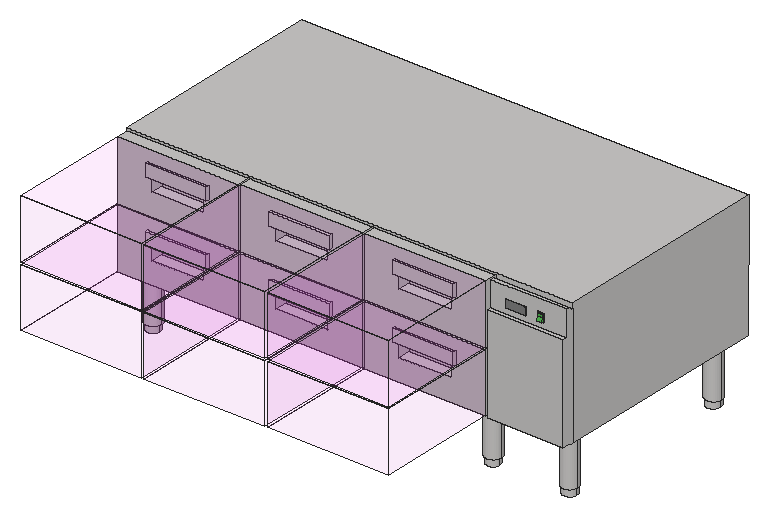
Revit family "QF_ELECTROLUXPROFESSIONAL_391605_E9TTBPCOMKN", category Specialty Equipment, Revit 2018 (continued)
Automatic sketch dimensions
  Split face 145 sketch curve to Extrusion 3 = 54.499 mm
  Split face 145 sketch curve to Split face 145 sketch curve = 0.02 mm  (x2)
  Split face 145 sketch curve to Extrusion 3 = 22.519 mm
  Split face 145 sketch curve to Extrusion 3 = 86.503 mm
  Split face 145 sketch curve to Split face 145 sketch curve = 4 mm
  Split face 146 sketch curve to Extrusion 3 = 54.499 mm
  Split face 146 sketch curve to Split face 146 sketch curve = 0.02 mm  (x2)
  Split face 146 sketch curve to Extrusion 3 = 22.519 mm
  Split face 146 sketch curve to Extrusion 3 = 74.504 mm
  Split face 146 sketch curve to Split face 146 sketch curve = 4 mm
  Split face 147 sketch curve to Extrusion 3 = 54.499 mm
  Split face 147 sketch curve to Split face 147 sketch curve = 0.02 mm  (x2)
  Split face 147 sketch curve to Extrusion 3 = 22.519 mm
  Split face 147 sketch curve to Extrusion 3 = 62.503 mm
  Split face 147 sketch curve to Split face 147 sketch curve = 4 mm
  Split face 148 sketch curve to Extrusion 3 = 54.499 mm
  Split face 148 sketch curve to Split face 148 sketch curve = 0.02 mm  (x2)
  Split face 148 sketch curve to Extrusion 3 = 22.519 mm
  Split face 148 sketch curve to Extrusion 3 = 50.504 mm
  Split face 148 sketch curve to Split face 148 sketch curve = 4 mm
  Split face 149 sketch curve to Extrusion 3 = 54.499 mm
  Split face 149 sketch curve to Split face 149 sketch curve = 0.02 mm  (x2)
  Split face 149 sketch curve to Extrusion 3 = 22.519 mm
  Split face 149 sketch curve to Extrusion 3 = 38.504 mm
  Split face 149 sketch curve to Split face 149 sketch curve = 4 mm
  Split face 150 sketch curve to Extrusion 3 = 22.504 mm
  Split face 150 sketch curve to Extrusion 3 = 54.499 mm
  Split face 150 sketch curve to Split face 150 sketch curve = 0.02 mm  (x2)
  Split face 150 sketch curve to Extrusion 3 = 22.519 mm
  Split face 150 sketch curve to Split face 150 sketch curve = 4 mm
  Split face 151 sketch curve to Extrusion 3 = 22.401 mm
  Split face 151 sketch curve to Extrusion 3 = 54.499 mm
  Split face 151 sketch curve to Split face 151 sketch curve = 0.02 mm  (x2)
  Split face 151 sketch curve to Extrusion 3 = 22.519 mm
  Split face 151 sketch curve to Split face 151 sketch curve = 4 mm
  plane 4 to Extrusion 16 sketch curve = 9.006 mm
  Extrusion 16 sketch curve to plane 3 "Centro (Sinistra/Destra)" = 360.999 mm
  Extrusion 16 sketch curve to Extrusion 16 sketch curve = 123.7 mm
  plane 12 to Extrusion 16 sketch curve = 73.7 mm
  plane 18 to Extrusion 16 sketch curve = 4 mm
  plane 4 to Extrusion 16 sketch curve = 88.212 mm
  Extrusion 16 sketch curve to Extrusion 16 sketch curve = 78.294 mm
  Extrusion 16 sketch curve to Extrusion 16 sketch curve = 55.994 mm
  Extrusion 16 to Extrusion 17 sketch curve = 0 mm
  Extrusion 17 sketch curve to Extrusion 16 = 0 mm  (x3)
  Extrusion 18 sketch curve to Extrusion 16 = 15 mm  (x2)
  Extrusion 16 to Extrusion 18 sketch curve = 31.031 mm
  Extrusion 18 sketch curve to Extrusion 16 = 13.969 mm
  plane 4 to Extrusion 19 sketch curve = 9.006 mm
  plane 3 "Centro (Sinistra/Destra)" to Extrusion 19 sketch curve = 81.031 mm
  Extrusion 19 sketch curve to plane 3 "Centro (Sinistra/Destra)" = 42.668 mm
  plane 4 to Extrusion 19 sketch curve = 88.212 mm
  Extrusion 19 sketch curve to Extrusion 19 sketch curve = 186.601 mm
  Extrusion 19 sketch curve to Extrusion 19 sketch curve = 123.7 mm
  Extrusion 19 sketch curve to Extrusion 19 sketch curve = 78.294 mm
  Extrusion 19 sketch curve to Extrusion 19 sketch curve = 55.994 mm
  Extrusion 19 to Extrusion 20 sketch curve = 0 mm
  Extrusion 20 sketch curve to Extrusion 19 = 0 mm  (x3)
  Extrusion 21 sketch curve to Extrusion 19 = 15 mm  (x2)
  Extrusion 19 to Extrusion 21 sketch curve = 31.031 mm
  Extrusion 21 sketch curve to Extrusion 19 = 13.969 mm
  plane 14 to Extrusion 22 sketch curve = 52 mm
  Extrusion 22 sketch curve to plane 14 = 71.738 mm
  Extrusion 22 sketch curve to plane 17 = 73.339 mm
  plane 4 to Extrusion 22 sketch curve = 9.006 mm
  plane 3 "Centro (Sinistra/Destra)" to Extrusion 22 sketch curve = 88.961 mm
  plane 4 to Extrusion 22 sketch curve = 88.212 mm
  Extrusion 22 sketch curve to Extrusion 22 sketch curve = 78.294 mm
  Extrusion 22 sketch curve to Extrusion 22 sketch curve = 55.994 mm
  Extrusion 23 sketch curve to Extrusion 22 = 0 mm  (x4)
  Extrusion 24 sketch curve to Extrusion 22 = 15 mm  (x2)
  Extrusion 22 to Extrusion 24 sketch curve = 31.031 mm
  Extrusion 24 sketch curve to Extrusion 22 = 13.969 mm
  radius of Extrusion 2 sketch curve = 6 mm
  radius of Split face 2 sketch curve = 1.2 mm
  radius of Split face 3 sketch curve = 1.2 mm
  radius of Split face 4 sketch curve = 1.2 mm
  radius of Split face 5 sketch curve = 1.2 mm
  radius of Split face 6 sketch curve = 1.2 mm
  radius of Split face 7 sketch curve = 1.2 mm
Nested families
  nested 1: "Foot H200" at (-745, -350, 0), type "Foot H200"
  nested 2: "Foot H200" at (-745, 292, 0), type "Foot H200"
  nested 3: "Foot H200" at (471, -350, 0) x (-1, 0, 0) z (0, 0, 1), type "Foot H200"
  nested 4: "Foot H200" at (471, 292, 0) x (-1, 0, 0) z (0, 0, 1), type "Foot H200"
  nested 5: "Foot H200" at (745, -350, 0) x (-1, 0, 0) z (0, 0, 1), type "Foot H200"
  nested 6: "Foot H200" at (745, 292, 0) x (-1, 0, 0) z (0, 0, 1), type "Foot H200"
  nested 7: "01_Refrigerator" at (550, -250, 0), type "01_Refrigerator"
Connectors
  electrical at (760, 260, 189.987)
    settings: on Extrusion 2, index 1, voltage 0 V, apparent load 0 VA, apparent load phase1 0 VA, apparent load phase2 0 VA, apparent load phase3 0 VA, power factor 1, load classification "Altro", number of poles 1, system type 30, power factor state 1, is connector primary yes, connector utility no, sub classification motor no, connector description "Electrical"
Definition of nested family "Foot H200"
  Reference planes
    plane 1 "Centro (Fronte/Retro)": y = 0
    plane 2: z = 0
    plane 3 "Centro (Sinistra/Destra)": x = 0
    plane 4: z = 200
  Forms (mm)
    Revolve 1, solid
      sketch origin (255.05, 0, 608.09) x (0, 0, 1) y (-1, 0, 0)
        loop
          line (-608.09, 255.05) -> (-608.09, 230.05) -> (-583.09, 230.05) -> (-583.09, 226.05) -> (-408.09, 226.05) -> (-408.09, 255.05) -> (-608.09, 255.05)
        axis (-608.09, 255.05) -> (-408.09, 255.05)
      angle from 0 to 360
  Dimensions and locks
    Revolve 1 sketch curve to Revolve 1 sketch curve = 175 mm
    plane 4 to level = 200 mm
    aligned and locked: level to plane 2
    aligned and locked: plane 4 to Revolve 1 sketch curve
    aligned and locked: Revolve 1 sketch curve to level
    aligned and locked: plane 3 "Centro (Sinistra/Destra)" to Revolve 1 sketch curve
Definition of nested family "01_Refrigerator"
  Reference planes
    plane 1 "Center (Front/Back)": y = 0
    plane 2: z = 0
    plane 3 "Center (Left/Right)": x = 0
  Lines and regions (mm)
    detail lines, in view "Ref. Level"
      curve 1: line (0, -60, 0) -> (0, 60, 0)
      curve 2: line (-51.962, 30, 0) -> (51.962, -30, 0)
      curve 3: line (-51.962, -30, 0) -> (51.962, 30, 0)
      curve 4: line (19.116, 56.873, 0) -> (0, 35, 0)
      curve 5: line (0, 35, 0) -> (-19.116, 56.873, 0)
      curve 6: line (-30.311, 17.5, 0) -> (-40, 45.883, 0)
      curve 7: line (-59.736, 11.7, 0) -> (-30.311, 17.5, 0)
      curve 8: line (-30.311, -17.5, 0) -> (-59.736, -11.7, 0)
      curve 9: line (-40, -45.883, 0) -> (-30.311, -17.5, 0)
      curve 10: line (0, -35, 0) -> (-19.116, -56.873, 0)
      curve 11: line (19.116, -56.873, 0) -> (0, -35, 0)
      curve 12: line (30.311, -17.5, 0) -> (39.696, -44.992, 0)
      curve 13: line (58.812, -11.882, 0) -> (30.311, -17.5, 0)
      curve 14: line (30.311, 17.5, 0) -> (58.812, 11.882, 0)
      curve 15: line (39.696, 44.992, 0) -> (30.311, 17.5, 0)
      curve 16: spline (-200, 0, 0) -> (-193.185, -23.294, 0) -> (-173.205, -45, 0) -> (-141.421, -63.64, 0) -> (-100, -77.942, 0) -> (-51.764, -86.933, 0) -> (0, -90, 0) -> (51.764, -86.933, 0) -> (100, -77.942, 0) -> (141.421, -63.64, 0) -> (173.205, -45, 0) -> (193.185, -23.294, 0) -> (200, 0, 0) -> (193.185, 23.294, 0) -> (173.205, 45, 0) -> (141.421, 63.64, 0) -> (100, 77.942, 0) -> (51.764, 86.933, 0) -> (0, 90, 0) -> (-51.764, 86.933, 0) -> (-100, 77.942, 0) -> (-141.421, 63.64, 0) -> (-173.205, 45, 0) -> (-193.185, 23.294, 0) -> (-200, 0, 0)
Types (2, lengths in mm): name | Volts | URL Manufacturer | URL | Manufacturer | Phase | Model | Item Number | Description | Cycle
  (no name) | 0 V | "" | "" | "" | 0 | "" | "" | "" | 0 Hz
  Standard | 220 V | "http://professional.electrolux.com" | "http://professional.electrolux.com" | "Electrolux Professional" | 1 | "E9TTBPCOMKN" | "391605" | "REFRIGERATED BASE WITH 6 DRAWERS 1600MM-60HZ - R290" | 60 Hz
